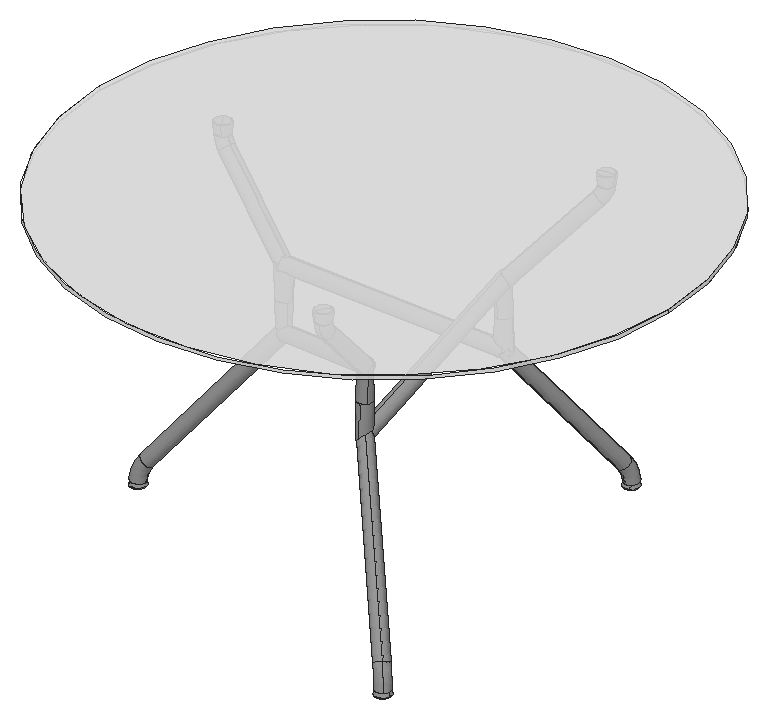
Revit family "Haworth_Cappellini_Branch_Table_RoundSmall_AP_PRELIMINARY", category Furniture, Revit 2019
Family settings
  OmniClass Number = 23.40.70.14.64.21
  OmniClass Title = Systems Furniture
  Work Plane-Based = No
  Always vertical = Yes
  Cut with Voids When Loaded = No
  Shared = No
  Room Calculation Point = No
Parameters (values of type "Round - Small")
  Warranty = "http://www.haworth.com/resources/product-info/warranties"
  URL - Product = "https://www.haworth.com/ap/en/products/meeting-tables/branch.html"
  Top Finish [instance] = Haworth _ Glass _ Frosted
  Radius = Actual Width / 2  # 650 mm
  Model = "BR_1XX"  # constant formula
  URL = "https://www.haworth.com/ap/en.html"
  Size = "Verify Final Dim. w/ Haworth"  # constant formula
  Revision Number = "1"  # constant formula
  Manufacturer = "Haworth"  # constant formula
  Description = "Haworth - Cappellini - Branch - Table - 1300w"  # constant formula
  Base Finish [instance] = Haworth _ Polymer _ Undecided
  Author = "Haworth (Hampton, Abd Rahman)"  # constant formula
  Assembly Code = "E2020200"
  Actual Width = 1300 mm  # constant formula
  Actual Height = 730 mm  # constant formula
  Table Thickness = 10 mm  # constant formula
  Actual Depth = Actual Width  # 1300 mm
Reference planes
  plane 1 "Center F/B": y = -4.03
  plane 2 "Floor": z = 0
  plane 3 "Center L/R": x = 0
  plane 4 "Table Edge Left": x = -650
  plane 5 "Table Edge Right": x = 650
  plane 6 "Table Edge Front": y = -654.03
  plane 7 "Table Edge Back": y = 645.97
  plane 8 "Table Bottom": z = 730
  plane 9: z = 720
Forms (mm)
  Extrusion 1, solid, material "Haworth _ Glass _ Frosted" <- "Top Finish"
    sketch origin (0, 0, 0) x (1, 0, 0) y (0, 1, 0)
      loop
        circle (0, -4.03) r 650
    from 730 to 720
Lines and regions (mm)
  Masking region 1
    outline origin (0, 0, 679.45) x (0, -1, 0) y (1, 0, 0)
      loop
        circle (4.03, 0) r 650
  reference lines
    curve 1: circle (0, -4.03, 0) r 650 normal (0, 0, 1)
Dimensions and locks
  "Actual Depth": plane 7 "Table Edge Back" to plane 6 "Table Edge Front"
  "Actual Width": plane 4 "Table Edge Left" to plane 5 "Table Edge Right"
  equal spacing: plane 4 "Table Edge Left", plane 3 "Center L/R", plane 5 "Table Edge Right"
  equal spacing: plane 7 "Table Edge Back", plane 1 "Center F/B", plane 6 "Table Edge Front"
  "Actual Height": plane 8 "Table Bottom" to level
  "Table Thickness": plane 8 "Table Bottom" to plane 9
  "Radius": radius of curve 1
  aligned and locked: Extrusion 1 sketch curve to curve 1
  aligned and locked: Masking region 1 sketch curve to Extrusion 1
  aligned and locked: plane 8 "Table Bottom" to Extrusion 1
  aligned and locked: plane 3 "Center L/R" to nested 1
  aligned and locked: plane 1 "Center F/B" to nested 1
  aligned and locked: Extrusion 1 to plane 9
Automatic sketch dimensions
  plane 1 "Center F/B" to curve 1 = 0 mm
  curve 1 to plane 3 "Center L/R" = 0 mm
Nested families
  nested 1: "Haworth_Branch-Table-Leg3-Part" at (0, 0, 0), type "Base"
Definition of nested family "Haworth_Branch-Table-Leg3-Part"
  Parameters
    Warranty = "http://haworthcollection.com/hc/about-us/certifications-warranties"
    Sustainability Info = "www.haworth.com/en-us/About-Us/Sustainability/Pages/Vision.aspx"
    Support Location Offset Right = 114.002 mm  # constant formula
    Support Location Offset Left = 227.905 mm  # constant formula
    Support Location Offset = 197.941 mm  # constant formula
    Support Finish = none
    Product Page URL = "http://haworthcollection.com/hc/products/tables-conference/branch"
    Model = "Haworth_Branch-Table-Leg3-Part"  # constant formula
    URL = "http://haworthcollection.com/"
    Support Height = 723.9 mm  # constant formula
    Size = "Verify Final Dim. w/ Haworth"  # constant formula
    Revision Number = "1"  # constant formula
    Manufacturer = "Haworth"  # constant formula
    Description = "Haworth_Branch-Table-Leg3-Part"
    Author = "Haworth (Hampton)"  # constant formula
    Assembly Code = "E2020200"
    Actual Width = 1295.4 mm  # constant formula
    Actual Height = 730.25 mm  # constant formula
    Actual Depth = Actual Width  # 1295.4 mm
  Reference planes
    plane 1 "Center F/B": y = -4.03
    plane 2 "Floor": z = 0
    plane 3 "Center L/R": x = 0
    plane 4 "Table Edge Left": x = -647.7
    plane 5 "Table Edge Right": x = 647.7
    plane 6 "Table Bottom": z = 730.25
    plane 7 "Diagonal LR": through (0, -4.03, 1219.2) normal (-0.7071, 0.7071, 0)
    plane 8 "Diagonal RL": through (0, -4.03, 1219.2) normal (-0.7071, -0.7071, 0)
    plane 9 "Support Back": y = 193.911
    plane 10 "Support Front": y = -201.971
    plane 11 "Support Left": x = -227.905
    plane 12 "Support Right": x = 114.002
  Dimensions and locks
    "Actual Width": plane 4 "Table Edge Left" to plane 5 "Table Edge Right"
    equal spacing: plane 4 "Table Edge Left", plane 3 "Center L/R", plane 5 "Table Edge Right"
    "Actual Height": plane 6 "Table Bottom" to level
    "Support Location Offset Left": plane 11 "Support Left" to plane 3 "Center L/R"
    "Support Location Offset Right": plane 3 "Center L/R" to plane 12 "Support Right"
    "Support Location Offset": plane 9 "Support Back" to plane 1 "Center F/B"
    "Support Location Offset": plane 10 "Support Front" to plane 1 "Center F/B"
    aligned and locked: nested 1 to plane 12 "Support Right"
    aligned and locked: plane 9 "Support Back" to nested 1
  Nested families
    nested 1: "Haworth_Branch-Table-Leg-Part" at (109.972, -201.954, 0) x (0, 1, 0) z (0, 0, 1), type "Haworth_Branch-Table-Leg-Part"
    nested 2: "Haworth_Branch-Table-Leg-Part" at (116.017, 190.421, 0) x (-0.866, -0.5, 0) z (0, 0, 1), type "Haworth_Branch-Table-Leg-Part"
    nested 3: "Haworth_Branch-Table-Leg-Part" at (-226.813, -0.548, 0) x (0.866, -0.5, 0) z (0, 0, 1), type "Haworth_Branch-Table-Leg-Part"
  Definition of nested family "Haworth_Branch-Table-Leg-Part"
    Parameters
      Warranty = "http://haworthcollection.com/hc/about-us/certifications-warranties"
      Support Location_Front_Back = 70.644 mm  # constant formula
      Support Location Offset = 146.05 mm  # constant formula
      Support Finish = none
      Model = "Haworth_Branch-Table-Leg-Part"  # constant formula
      URL = "http://haworthcollection.com/"
      Support Height = 443.508 mm  # constant formula
      Size = "Verify Final Dim. w/ Haworth"  # constant formula
      Revision Number = "1"  # constant formula
      Standard Height = "29 in."  # constant formula
      Manufacturer = "Haworth"  # constant formula
      Description = "Haworth_Branch-Table-Leg-Part"
      Author = "Haworth (Hampton)"  # constant formula
      Assembly Code = "E2020200"
      Actual Width = 726.678 mm  # constant formula
      Actual Height = 723.999 mm  # constant formula
      Actual Depth = 201.414 mm  # constant formula
    Reference planes
      plane 1 "Center F/B": y = -4.03
      plane 2 "Floor": z = 0
      plane 3 "Support Left Middle": x = 0
      plane 4 "Left Bottom": y = -205.444
      plane 5 "Right Bottom": y = -134.8
      plane 6 "Support Right Middle": x = 395.866
      plane 7 "Table Top Bottom": z = 723.999
      plane 8 "Support Middle Attach": z = 443.508
      plane 9 "Support Left Bottom": x = -200.21
      plane 10 "Support Right Top": x = 526.468
      plane 11 "Bottom Angel": through (0, -4.03, 1219.2) normal (0.7092, -0.705, 0)
      plane 12 "Top Angel": through (395.866, -4.03, 1219.2) normal (0.7076, 0.7067, 0)
      plane 13 "Support Left Middle Bottom": z = 365.998
      plane 14 "Support Right Middle Top": z = 520.062
    Forms (mm)
      Revolve 1, solid, material <- "Support Finish"
        sketch origin (-200.21, 0, 0) x (0, 1, 0) y (0, 0, 1)
          loop
            line (-205.444, 0) -> (-205.444, 10) -> (-218.111, 10) -> (-219.214, 9.228) -> (-222.703, 0.592) -> (-222.11, 0) -> (-205.444, 0)
          axis (-205.444, 10) -> (-205.444, 0)
        angle from 0 to 360
      Revolve 2, solid, material <- "Support Finish"
        sketch origin (526.468, 0, 0) x (0, 1, 0) y (0, 0, 1)
          loop
            line (-134.8, 723.999) -> (-151.474, 723.999) -> (-152.937, 722.536) -> (-151.013, 700.546) -> (-150.582, 699.8) -> (-134.8, 699.8) -> (-134.8, 723.999)
          axis (-134.8, 723.999) -> (-134.8, 699.8)
        angle from 0 to 360
      Sweep 3, solid, material <- "Support Finish"
        path origin (2.015, -2.003, 0) x (0.704983, 0.709224, 0) y (0, 0, 1)
          loop
            line (0.572, 379.12) -> (-269.132, 53.782)
            arc (-269.132, 53.782) -> (-281.384, 33.265) -> (-286.848, 10) r 77.977
        profile origin (-92.65, -97.238, 216.451) x (0.542739, 0.546004, -0.638212) y (0.709224, -0.704983, 0)
          loop
            circle (0, 0) r 15.875
      Sweep 4, solid, material <- "Support Finish"
        path origin (196.17, 195.92, 0) x (-0.706657, 0.707556, 0) y (0, 0, 1)
          loop
            line (-282.118, 512.195) -> (-455.18, 673.578)
            arc (-455.18, 673.578) -> (-463.788, 685.5) -> (-467.218, 699.8) r 37.95
        profile origin (456.678, -64.92, 592.886) x (0.481939, -0.482552, -0.731354) y (0.707556, 0.706657, 0)
          loop
            circle (0, 0) r 15.875
      Sweep 5, solid, material <- "Support Finish"
        path origin (0, -4.03, 0) x (1, 0, 0) y (0, 0, 1)
          loop
            line (3.024, 374.596) -> (403.644, 517.814)
        profile origin (203.334, -4.03, 446.205) x (-0.336626, 0, 0.941638) y (0, -1, 0)
          loop
            circle (0, 0) r 15.875
      Blend 6, solid, material <- "Support Finish"
        base sketch origin (0, 0, 365.998) x (-1, 0, 0) y (0, -1, 0)
          loop
            spline (19.05, 4.03) -> (18.401, 7.317) -> (16.498, 10.38) -> (13.47, 13.01) -> (9.525, 15.028) -> (4.931, 16.297) -> (0, 16.73) -> (-4.931, 16.297) -> (-9.525, 15.028) -> (-13.47, 13.01) -> (-16.498, 10.38) -> (-18.401, 7.317) -> (-19.05, 4.03)
            spline (-19.05, 4.03) -> (-18.401, 0.743) -> (-16.498, -2.32) -> (-13.47, -4.95) -> (-9.525, -6.969) -> (-4.931, -8.237) -> (0, -8.67) -> (4.931, -8.237) -> (9.525, -6.969) -> (13.47, -4.95) -> (16.498, -2.32) -> (18.401, 0.743) -> (19.05, 4.03)
        top sketch origin (0, 0, 365.998) x (-1, 0, 0) y (0, -1, 0)
          loop
            circle (0, 4.03) r 15.875
        from 0 to 77.51
      Blend 7, solid, material <- "Support Finish"
        base sketch origin (0, 0, 0) x (1, 0, 0) y (0, 1, 0)
          loop
            circle (395.866, -4.03) r 15.875
        top sketch origin (0, 0, 0) x (1, 0, 0) y (0, 1, 0)
          loop
            spline (414.916, -4.03) -> (414.267, -0.743) -> (412.364, 2.32) -> (409.336, 4.95) -> (405.391, 6.969) -> (400.796, 8.237) -> (395.866, 8.67) -> (390.935, 8.237) -> (386.341, 6.969) -> (382.396, 4.95) -> (379.368, 2.32) -> (377.465, -0.743) -> (376.816, -4.03)
            spline (376.816, -4.03) -> (377.465, -7.317) -> (379.368, -10.38) -> (382.396, -13.01) -> (386.341, -15.028) -> (390.935, -16.297) -> (395.866, -16.73) -> (400.796, -16.297) -> (405.391, -15.028) -> (409.336, -13.01) -> (412.364, -10.38) -> (414.267, -7.317) -> (414.916, -4.03)
        from 443.508 to 520.062
    Cuts and joins
      joined: Sweep 3, Sweep 4, Sweep 5, Blend 6, Blend 7
    Lines and regions (mm)
      symbolic lines, detail levels medium+fine
        curve 1: spline (-211.366, -216.668, 365.998) -> (-213.9, -213.389, 365.998) -> (-215.501, -209.568, 365.998) -> (-216.059, -205.466, 365.998) -> (-215.538, -201.363, 365.998) -> (-213.971, -197.537, 365.998) -> (-211.467, -194.25, 365.998) -> (-208.195, -191.726, 365.998) -> (-204.379, -190.137, 365.998) -> (-200.279, -189.591, 365.998) -> (-196.174, -190.125, 365.998) -> (-192.343, -191.702, 365.998) -> (-189.049, -194.216, 365.998)
        curve 2: spline (-189.049, -194.216, 365.998) -> (-186.515, -197.495, 365.998) -> (-184.915, -201.316, 365.998) -> (-184.356, -205.418, 365.998) -> (-184.878, -209.521, 365.998) -> (-186.444, -213.347, 365.998) -> (-188.949, -216.634, 365.998) -> (-192.221, -219.158, 365.998) -> (-196.037, -220.747, 365.998) -> (-200.137, -221.294, 365.998) -> (-204.242, -220.76, 365.998) -> (-208.072, -219.182, 365.998) -> (-211.366, -216.668, 365.998)
        curve 3: arc (15.875, -4.03, 365.998) -> (0, 11.845, 365.998) -> (-15.875, -4.03, 365.998) r 15.875
        curve 4: arc (-15.875, -4.03, 365.998) -> (0, -19.905, 365.998) -> (15.875, -4.03, 365.998) r 15.875
        curve 5: arc (379.991, -4.03, 365.998) -> (395.866, 11.845, 365.998) -> (411.741, -4.03, 365.998) r 15.875
        curve 6: arc (411.741, -4.03, 365.998) -> (395.866, -19.905, 365.998) -> (379.991, -4.03, 365.998) r 15.875
        curve 7: arc (526.468, -151.474, 365.998) -> (509.795, -134.8, 365.998) -> (526.468, -118.127, 365.998) r 16.673
        curve 8: arc (526.468, -118.127, 365.998) -> (543.142, -134.8, 365.998) -> (526.468, -151.474, 365.998) r 16.673
        curve 9: line (515.033, -146.935, 365.998) -> (384.48, -15.092, 365.998)
        curve 10: line (408.044, 6.154, 365.998) -> (538.921, -123.712, 365.998)
        curve 11: line (395.866, 11.845, 365.998) -> (0, 11.845, 365.998)
        curve 12: line (0, -19.905, 365.998) -> (395.866, -19.905, 365.998)
        curve 13: line (11.467, -15.008, 365.998) -> (-189.688, -217.262, 365.998)
        curve 14: line (-211.465, -194.249, 365.998) -> (-10.475, 7.899, 365.998)
    Dimensions and locks
      "Actual Depth": plane 1 "Center F/B" to plane 4 "Left Bottom"
      "Support Location_Front_Back": plane 5 "Right Bottom" to plane 4 "Left Bottom"
      "Support Height": plane 8 "Support Middle Attach" to level
      "Actual Height": plane 7 "Table Top Bottom" to level
      "Actual Width": plane 10 "Support Right Top" to plane 9 "Support Left Bottom"
      Blend 7 sketch curve to Blend 7 sketch curve = 19.05 mm
      radius of Blend 6 sketch curve = 15.875 mm
      aligned and locked: Revolve 1 sketch curve to plane 4 "Left Bottom"
      aligned and locked: Revolve 2 sketch curve to plane 5 "Right Bottom"
      aligned and locked: plane 8 "Support Middle Attach" to Blend 6
      aligned and locked: Blend 6 to plane 13 "Support Left Middle Bottom"
      aligned and locked: Blend 7 to plane 14 "Support Right Middle Top"
      aligned and locked: Blend 7 to plane 8 "Support Middle Attach"
    Automatic sketch dimensions
      Revolve 1 sketch curve to level = 0 mm
      Revolve 1 sketch curve to plane 4 "Left Bottom" = 0 mm
      Revolve 1 sketch curve to Revolve 1 sketch curve = 12.667 mm
      Revolve 1 sketch curve to Revolve 1 sketch curve = 1.102 mm
      Revolve 1 sketch curve to Revolve 1 sketch curve = 2.896 mm
      level to Revolve 1 sketch curve = 0.592 mm
      Revolve 1 sketch curve to Revolve 1 sketch curve = 0.592 mm
      Revolve 1 sketch curve to level = 304.8 mm
      level to Revolve 1 sketch curve = 9.228 mm
      Revolve 1 sketch curve to Revolve 1 sketch curve = 10 mm
      plane 7 "Table Top Bottom" to Revolve 1 sketch curve = 1714.401 mm
      Revolve 2 sketch curve to plane 5 "Right Bottom" = 0 mm
      Revolve 2 sketch curve to plane 7 "Table Top Bottom" = 0 mm
      Revolve 2 sketch curve to Revolve 2 sketch curve = 15.782 mm
      Revolve 2 sketch curve to Revolve 2 sketch curve = 0.431 mm
      Revolve 2 sketch curve to Revolve 2 sketch curve = 16.673 mm
      Revolve 2 sketch curve to plane 7 "Table Top Bottom" = 1.463 mm
      Revolve 2 sketch curve to Revolve 2 sketch curve = 1.463 mm
      Revolve 2 sketch curve to Revolve 2 sketch curve = 21.991 mm
      Revolve 2 sketch curve to Revolve 2 sketch curve = 0.746 mm
      Revolve 2 sketch curve to level = 304.8 mm
      Revolve 2 sketch curve to Revolve 2 sketch curve = 1714.401 mm
      level to Sweep 3 sketch curve = 10 mm
      Sweep 3 sketch curve to Sweep 3 sketch curve = 17.716 mm
      level to Sweep 3 sketch curve = 53.782 mm
      level to Sweep 3 sketch curve = 4.016 mm
      Sweep 3 sketch curve to plane 8 "Support Middle Attach" = 64.388 mm
      Sweep 3 sketch curve to Sweep 3 sketch curve = 269.704 mm
      Sweep 3 sketch curve to plane 11 "Bottom Angel" = 0 mm
      Sweep 3 sketch curve to profile plane = 0 mm
      Sweep 4 sketch curve to plane 7 "Table Top Bottom" = 24.2 mm
      Sweep 4 sketch curve to Sweep 4 sketch curve = 12.037 mm
      Sweep 4 sketch curve to plane 7 "Table Top Bottom" = 50.421 mm
      Sweep 4 sketch curve to Sweep 4 sketch curve = 25.882 mm
      plane 8 "Support Middle Attach" to Sweep 4 sketch curve = 68.687 mm
      Sweep 4 sketch curve to Sweep 4 sketch curve = 173.062 mm
      Sweep 4 sketch curve to plane 12 "Top Angel" = 0 mm
      Sweep 4 sketch curve to profile plane = 0 mm
      plane 1 "Center F/B" to Sweep 5 sketch curve = 0 mm
      Sweep 5 sketch curve to profile plane = 0 mm
      plane 3 "Support Left Middle" to Sweep 5 sketch curve = 3.024 mm
      plane 6 "Support Right Middle" to Sweep 5 sketch curve = 7.778 mm
      Sweep 5 sketch curve to plane 8 "Support Middle Attach" = 68.911 mm
      plane 8 "Support Middle Attach" to Sweep 5 sketch curve = 74.306 mm
      plane 1 "Center F/B" to Blend 6 sketch curve = 0 mm  (x2)
      Blend 6 sketch curve to plane 3 "Support Left Middle" = 0 mm  (x2)
      Blend 6 sketch curve to Blend 6 sketch curve = 19.05 mm
      plane 1 "Center F/B" to Blend 7 sketch curve = 0 mm  (x2)
      Blend 7 sketch curve to plane 6 "Support Right Middle" = 0 mm  (x2)
      curve 7 to plane 5 "Right Bottom" = 0 mm
      curve 7 to plane 10 "Support Right Top" = 0 mm
      plane 1 "Center F/B" to curve 6 = 0 mm
      curve 12 to plane 6 "Support Right Middle" = 0 mm
      curve 6 to plane 6 "Support Right Middle" = 0 mm
      curve 11 to plane 6 "Support Right Middle" = 0 mm
      curve 11 to plane 3 "Support Left Middle" = 0 mm
      curve 12 to plane 3 "Support Left Middle" = 0 mm
      curve 3 to plane 3 "Support Left Middle" = 0 mm
      plane 11 "Bottom Angel" to curve 1 = 0 mm
      plane 10 "Support Right Top" to curve 10 = 12.452 mm
      curve 9 to plane 10 "Support Right Top" = 11.435 mm
      curve 10 to plane 1 "Center F/B" = 10.183 mm
      plane 1 "Center F/B" to curve 9 = 11.062 mm
      plane 1 "Center F/B" to curve 13 = 10.978 mm
      curve 14 to plane 3 "Support Left Middle" = 10.475 mm
      plane 9 "Support Left Bottom" to curve 1 = 11.161 mm
      plane 9 "Support Left Bottom" to curve 13 = 10.522 mm
      plane 9 "Support Left Bottom" to curve 2 = 0.002 mm
      curve 14 to plane 9 "Support Left Bottom" = 11.256 mm
      curve 14 to curve 1 = 0.001 mm
      curve 2 to curve 1 = 0 mm
      curve 11 to curve 14 = 3.946 mm
      plane 5 "Right Bottom" to curve 8 = 16.673 mm
      curve 13 to plane 4 "Left Bottom" = 11.818 mm
      radius of Sweep 3 sketch curve = 15.875 mm
      radius of Sweep 4 sketch curve = 15.875 mm
      radius of Sweep 5 sketch curve = 15.875 mm
      radius of Blend 7 sketch curve = 15.875 mm
